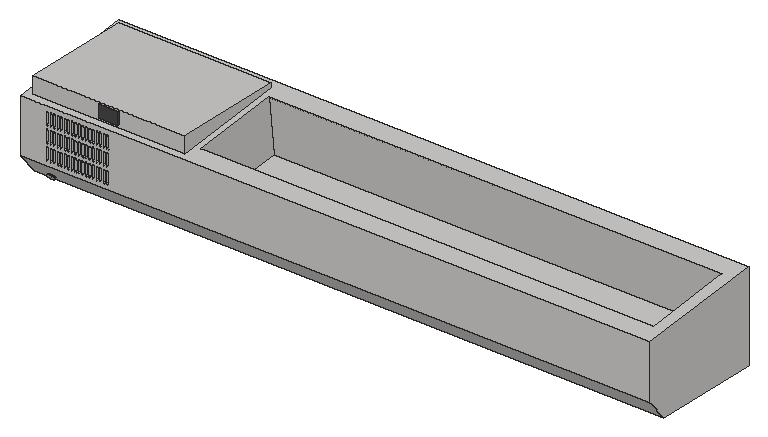
Revit family "QF_ELECTROLUXPROFESSIONAL_291214_ZVR1780H", category Specialty Equipment, Revit 2018
Family settings
  Round Connector Dimension = Use Diameter
  Part Type = Normal
  Work Plane-Based = No
  Always vertical = Yes
  Cut with Voids When Loaded = No
  Shared = No
  Room Calculation Point = No
Parameters (values of type "Standard")
  Weight = 42.00 kg
  Watts = 0 W
  Volts = 220 V
  URL Manufacturer = "http://professional.electrolux.com"
  URL = "http://professional.electrolux.com"
  Steam Supply Size = 0 mm
  Steam Supply Minimum Pressure = 0.0 Pa
  Steam Supply Maximum Pressure = 0.0 Pa
  Steam Pounds per Hour = 0
  Show Clearence [instance] = yes
  Refrigeration Suction Line Size = 0 mm
  Refrigeration Liquid Line Size = 0 mm
  Refrigerant Compressor Remote = yes
  Manufacturer = "Electrolux Professional"
  Phase = 1
  Model = "ZVR1780H"
  Length Actual = 1780 mm  # constant formula
  Item Number = "291214"
  Hot Water Size = 0 mm
  Height Actual = 250 mm  # constant formula
  HP = "0.3 HP"
  Gas Size = 0 mm
  Gas KW = 0
  Gas Input Pressure = 0 W
  Direct Waste Size = 0 mm
  Description = "BENCH TYPE REFRIGERATED SHOW CASE 1780MM R290"
  Depth Actual = 350 mm  # constant formula
  Cycle = 50 Hz
  Condensate Return Size = 0 mm
  Compressed Air Volume = 0.0 L/s
  Compressed Air Size = 0 mm
  Compressed Air Pressure = 0.0 Pa
  Cold Water Size = 0 mm
  Accessory = yes
Types (2, lengths in mm): name | URL | Manufacturer | Phase | Model | Description
  (no name) | 0 | 0 | 0 | 0 | 0
  Standard | "http://professional.electrolux.com" | "Electrolux Professional" | 1 | "ZVR1780H" | "BENCH TYPE REFRIGERATED SHOW CASE 1780MM R290"
Values of the unnamed type that differ from the named types
  Volts = 0 V
  URL Manufacturer = ""
  Item Number = ""
  Cycle = 0 Hz
Reference planes
  plane 1 "Front": y = 0
  plane 2: z = 0
  plane 3 "Centro (Sinistra/Destra)": x = 0
  plane 4 "LEFT": x = -870
  plane 5 "RIGHT": x = 870
  plane 6 "BACK": y = 350
  plane 7: z = 150
  plane 8: z = 800
  plane 9: z = 840
  plane 10: z = 1005
  plane 11 "Left": x = -890
  plane 12 "Right": x = 890
  plane 13: y = -1005
  plane 14: z = 1266
  plane 15: z = 1255
  plane 16: y = 50
  plane 17: z = 1218
  plane 18: y = 324
  plane 19: y = 20
  plane 20: x = -440
  plane 21: x = -422
  plane 22: x = 859
  plane 23: y = 314
  plane 24: x = -851
  plane 25: x = 851
Forms (mm)
  Extrusion 1, solid, material "QF_Finishes_Stainless Steel"
    sketch origin (0, 0, 0) x (0, 1, 0) y (0, 0, 1)
      loop
        line (350, 1005) -> (350, 1255) -> (0, 1218) -> (0, 1064.588) -> (50, 1005) -> (350, 1005)
    from -890 to 890
  Extrusion 2, void
    sketch origin (0, 349.805, 1254.979) x (0, 0.994459, 0.105128) y (1, 0, 0)
      loop
        line (-54.87, 859) -> (-298.31, 859) -> (-298.31, -422) -> (-54.87, -422) -> (-54.87, 859)
    from 0 to 154
  Extrusion 3, solid, material "QF_Finishes_Stainless Steel"
    sketch origin (0, 0, 0) x (0, 1, 0) y (0, 0, 1)
      loop
        line (20, 1220.114) -> (324, 1252.251) -> (324, 1266) -> (20, 1266) -> (20, 1220.114)
    from -870 to -440
  Extrusion 4, solid, material "QF_Finishes_Stainless Steel"
    sketch origin (-41.117, 58.099, 995.348) x (0, -0.642788, 0.766044) y (-1, 0, 0)
      loop
        circle (32.613, 788.883) r 10
    from 0 to 5
  Extrusion 5, solid, material "QF_Finishes_Black"
    sketch origin (0, 20, 1220.114) x (0, 0, 1) y (-1, 0, 0)
      loop
        line (40.886, 682.5) -> (5.979, 682.5) -> (5.979, 627.5) -> (40.886, 627.5) -> (40.886, 682.5)
    from 0 to 2
  Extrusion 6, void
    sketch origin (0, 0, 1234.854) x (0, 0, 1) y (1, 0, 0)
      loop
        arc (-32.985, -814.899) -> (-29.86, -811.774) -> (-32.985, -808.649) r 3.125
        line (-32.985, -808.649) -> (-62.985, -808.649)
        arc (-62.985, -808.649) -> (-66.11, -811.774) -> (-62.985, -814.899) r 3.125
        line (-62.985, -814.899) -> (-32.985, -814.899)
      loop
        arc (-77.985, -814.899) -> (-74.86, -811.774) -> (-77.985, -808.649) r 3.125
        line (-77.985, -808.649) -> (-107.985, -808.649)
        arc (-107.985, -808.649) -> (-111.11, -811.774) -> (-107.985, -814.899) r 3.125
        line (-107.985, -814.899) -> (-77.985, -814.899)
      loop
        arc (-122.985, -814.899) -> (-119.86, -811.774) -> (-122.985, -808.649) r 3.125
        line (-122.985, -808.649) -> (-152.985, -808.649)
        arc (-152.985, -808.649) -> (-156.11, -811.774) -> (-152.985, -814.899) r 3.125
        line (-152.985, -814.899) -> (-122.985, -814.899)
      loop
        arc (-32.985, -804.899) -> (-29.86, -801.774) -> (-32.985, -798.649) r 3.125
        line (-32.985, -798.649) -> (-62.985, -798.649)
        arc (-62.985, -798.649) -> (-66.11, -801.774) -> (-62.985, -804.899) r 3.125
        line (-62.985, -804.899) -> (-32.985, -804.899)
      loop
        arc (-77.985, -804.899) -> (-74.86, -801.774) -> (-77.985, -798.649) r 3.125
        line (-77.985, -798.649) -> (-107.985, -798.649)
        arc (-107.985, -798.649) -> (-111.11, -801.774) -> (-107.985, -804.899) r 3.125
        line (-107.985, -804.899) -> (-77.985, -804.899)
      loop
        arc (-122.985, -804.899) -> (-119.86, -801.774) -> (-122.985, -798.649) r 3.125
        line (-122.985, -798.649) -> (-152.985, -798.649)
        arc (-152.985, -798.649) -> (-156.11, -801.774) -> (-152.985, -804.899) r 3.125
        line (-152.985, -804.899) -> (-122.985, -804.899)
      loop
        arc (-32.985, -794.899) -> (-29.86, -791.774) -> (-32.985, -788.649) r 3.125
        line (-32.985, -788.649) -> (-62.985, -788.649)
        arc (-62.985, -788.649) -> (-66.11, -791.774) -> (-62.985, -794.899) r 3.125
        line (-62.985, -794.899) -> (-32.985, -794.899)
      loop
        arc (-77.985, -794.899) -> (-74.86, -791.774) -> (-77.985, -788.649) r 3.125
        line (-77.985, -788.649) -> (-107.985, -788.649)
        arc (-107.985, -788.649) -> (-111.11, -791.774) -> (-107.985, -794.899) r 3.125
        line (-107.985, -794.899) -> (-77.985, -794.899)
      loop
        arc (-122.985, -794.899) -> (-119.86, -791.774) -> (-122.985, -788.649) r 3.125
        line (-122.985, -788.649) -> (-152.985, -788.649)
        arc (-152.985, -788.649) -> (-156.11, -791.774) -> (-152.985, -794.899) r 3.125
        line (-152.985, -794.899) -> (-122.985, -794.899)
      loop
        arc (-32.985, -784.899) -> (-29.86, -781.774) -> (-32.985, -778.649) r 3.125
        line (-32.985, -778.649) -> (-62.985, -778.649)
        arc (-62.985, -778.649) -> (-66.11, -781.774) -> (-62.985, -784.899) r 3.125
        line (-62.985, -784.899) -> (-32.985, -784.899)
      loop
        arc (-77.985, -784.899) -> (-74.86, -781.774) -> (-77.985, -778.649) r 3.125
        line (-77.985, -778.649) -> (-107.985, -778.649)
        arc (-107.985, -778.649) -> (-111.11, -781.774) -> (-107.985, -784.899) r 3.125
        line (-107.985, -784.899) -> (-77.985, -784.899)
      loop
        arc (-122.985, -784.899) -> (-119.86, -781.774) -> (-122.985, -778.649) r 3.125
        line (-122.985, -778.649) -> (-152.985, -778.649)
        arc (-152.985, -778.649) -> (-156.11, -781.774) -> (-152.985, -784.899) r 3.125
        line (-152.985, -784.899) -> (-122.985, -784.899)
      loop
        arc (-32.985, -774.899) -> (-29.86, -771.774) -> (-32.985, -768.649) r 3.125
        line (-32.985, -768.649) -> (-62.985, -768.649)
        arc (-62.985, -768.649) -> (-66.11, -771.774) -> (-62.985, -774.899) r 3.125
        line (-62.985, -774.899) -> (-32.985, -774.899)
      loop
        arc (-77.985, -774.899) -> (-74.86, -771.774) -> (-77.985, -768.649) r 3.125
        line (-77.985, -768.649) -> (-107.985, -768.649)
        arc (-107.985, -768.649) -> (-111.11, -771.774) -> (-107.985, -774.899) r 3.125
        line (-107.985, -774.899) -> (-77.985, -774.899)
      loop
        arc (-122.985, -774.899) -> (-119.86, -771.774) -> (-122.985, -768.649) r 3.125
        line (-122.985, -768.649) -> (-152.985, -768.649)
        arc (-152.985, -768.649) -> (-156.11, -771.774) -> (-152.985, -774.899) r 3.125
        line (-152.985, -774.899) -> (-122.985, -774.899)
      loop
        arc (-32.985, -764.899) -> (-29.86, -761.774) -> (-32.985, -758.649) r 3.125
        line (-32.985, -758.649) -> (-62.985, -758.649)
        arc (-62.985, -758.649) -> (-66.11, -761.774) -> (-62.985, -764.899) r 3.125
        line (-62.985, -764.899) -> (-32.985, -764.899)
      loop
        arc (-77.985, -764.899) -> (-74.86, -761.774) -> (-77.985, -758.649) r 3.125
        line (-77.985, -758.649) -> (-107.985, -758.649)
        arc (-107.985, -758.649) -> (-111.11, -761.774) -> (-107.985, -764.899) r 3.125
        line (-107.985, -764.899) -> (-77.985, -764.899)
      loop
        arc (-122.985, -764.899) -> (-119.86, -761.774) -> (-122.985, -758.649) r 3.125
        line (-122.985, -758.649) -> (-152.985, -758.649)
        arc (-152.985, -758.649) -> (-156.11, -761.774) -> (-152.985, -764.899) r 3.125
        line (-152.985, -764.899) -> (-122.985, -764.899)
      loop
        arc (-32.985, -754.899) -> (-29.86, -751.774) -> (-32.985, -748.649) r 3.125
        line (-32.985, -748.649) -> (-62.985, -748.649)
        arc (-62.985, -748.649) -> (-66.11, -751.774) -> (-62.985, -754.899) r 3.125
        line (-62.985, -754.899) -> (-32.985, -754.899)
      loop
        arc (-77.985, -754.899) -> (-74.86, -751.774) -> (-77.985, -748.649) r 3.125
        line (-77.985, -748.649) -> (-107.985, -748.649)
        arc (-107.985, -748.649) -> (-111.11, -751.774) -> (-107.985, -754.899) r 3.125
        line (-107.985, -754.899) -> (-77.985, -754.899)
      loop
        arc (-122.985, -754.899) -> (-119.86, -751.774) -> (-122.985, -748.649) r 3.125
        line (-122.985, -748.649) -> (-152.985, -748.649)
        arc (-152.985, -748.649) -> (-156.11, -751.774) -> (-152.985, -754.899) r 3.125
        line (-152.985, -754.899) -> (-122.985, -754.899)
      loop
        arc (-32.985, -744.899) -> (-29.86, -741.774) -> (-32.985, -738.649) r 3.125
        line (-32.985, -738.649) -> (-62.985, -738.649)
        arc (-62.985, -738.649) -> (-66.11, -741.774) -> (-62.985, -744.899) r 3.125
        line (-62.985, -744.899) -> (-32.985, -744.899)
      loop
        arc (-77.985, -744.899) -> (-74.86, -741.774) -> (-77.985, -738.649) r 3.125
        line (-77.985, -738.649) -> (-107.985, -738.649)
        arc (-107.985, -738.649) -> (-111.11, -741.774) -> (-107.985, -744.899) r 3.125
        line (-107.985, -744.899) -> (-77.985, -744.899)
      loop
        arc (-122.985, -744.899) -> (-119.86, -741.774) -> (-122.985, -738.649) r 3.125
        line (-122.985, -738.649) -> (-152.985, -738.649)
        arc (-152.985, -738.649) -> (-156.11, -741.774) -> (-152.985, -744.899) r 3.125
        line (-152.985, -744.899) -> (-122.985, -744.899)
      loop
        arc (-32.985, -734.899) -> (-29.86, -731.774) -> (-32.985, -728.649) r 3.125
        line (-32.985, -728.649) -> (-62.985, -728.649)
        arc (-62.985, -728.649) -> (-66.11, -731.774) -> (-62.985, -734.899) r 3.125
        line (-62.985, -734.899) -> (-32.985, -734.899)
      loop
        arc (-77.985, -734.899) -> (-74.86, -731.774) -> (-77.985, -728.649) r 3.125
        line (-77.985, -728.649) -> (-107.985, -728.649)
        arc (-107.985, -728.649) -> (-111.11, -731.774) -> (-107.985, -734.899) r 3.125
        line (-107.985, -734.899) -> (-77.985, -734.899)
      loop
        arc (-122.985, -734.899) -> (-119.86, -731.774) -> (-122.985, -728.649) r 3.125
        line (-122.985, -728.649) -> (-152.985, -728.649)
        arc (-152.985, -728.649) -> (-156.11, -731.774) -> (-152.985, -734.899) r 3.125
        line (-152.985, -734.899) -> (-122.985, -734.899)
      loop
        arc (-32.985, -724.899) -> (-29.86, -721.774) -> (-32.985, -718.649) r 3.125
        line (-32.985, -718.649) -> (-62.985, -718.649)
        arc (-62.985, -718.649) -> (-66.11, -721.774) -> (-62.985, -724.899) r 3.125
        line (-62.985, -724.899) -> (-32.985, -724.899)
      loop
        arc (-77.985, -724.899) -> (-74.86, -721.774) -> (-77.985, -718.649) r 3.125
        line (-77.985, -718.649) -> (-107.985, -718.649)
        arc (-107.985, -718.649) -> (-111.11, -721.774) -> (-107.985, -724.899) r 3.125
        line (-107.985, -724.899) -> (-77.985, -724.899)
      loop
        arc (-122.985, -724.899) -> (-119.86, -721.774) -> (-122.985, -718.649) r 3.125
        line (-122.985, -718.649) -> (-152.985, -718.649)
        arc (-152.985, -718.649) -> (-156.11, -721.774) -> (-152.985, -724.899) r 3.125
        line (-152.985, -724.899) -> (-122.985, -724.899)
      loop
        arc (-32.985, -714.899) -> (-29.86, -711.774) -> (-32.985, -708.649) r 3.125
        line (-32.985, -708.649) -> (-62.985, -708.649)
        arc (-62.985, -708.649) -> (-66.11, -711.774) -> (-62.985, -714.899) r 3.125
        line (-62.985, -714.899) -> (-32.985, -714.899)
      loop
        arc (-77.985, -714.899) -> (-74.86, -711.774) -> (-77.985, -708.649) r 3.125
        line (-77.985, -708.649) -> (-107.985, -708.649)
        arc (-107.985, -708.649) -> (-111.11, -711.774) -> (-107.985, -714.899) r 3.125
        line (-107.985, -714.899) -> (-77.985, -714.899)
      loop
        arc (-122.985, -714.899) -> (-119.86, -711.774) -> (-122.985, -708.649) r 3.125
        line (-122.985, -708.649) -> (-152.985, -708.649)
        arc (-152.985, -708.649) -> (-156.11, -711.774) -> (-152.985, -714.899) r 3.125
        line (-152.985, -714.899) -> (-122.985, -714.899)
      loop
        arc (-32.985, -704.899) -> (-29.86, -701.774) -> (-32.985, -698.649) r 3.125
        line (-32.985, -698.649) -> (-62.985, -698.649)
        arc (-62.985, -698.649) -> (-66.11, -701.774) -> (-62.985, -704.899) r 3.125
        line (-62.985, -704.899) -> (-32.985, -704.899)
      loop
        arc (-77.985, -704.899) -> (-74.86, -701.774) -> (-77.985, -698.649) r 3.125
        line (-77.985, -698.649) -> (-107.985, -698.649)
        arc (-107.985, -698.649) -> (-111.11, -701.774) -> (-107.985, -704.899) r 3.125
        line (-107.985, -704.899) -> (-77.985, -704.899)
      loop
        arc (-122.985, -704.899) -> (-119.86, -701.774) -> (-122.985, -698.649) r 3.125
        line (-122.985, -698.649) -> (-152.985, -698.649)
        arc (-152.985, -698.649) -> (-156.11, -701.774) -> (-152.985, -704.899) r 3.125
        line (-152.985, -704.899) -> (-122.985, -704.899)
      loop
        arc (-32.985, -694.899) -> (-29.86, -691.774) -> (-32.985, -688.649) r 3.125
        line (-32.985, -688.649) -> (-62.985, -688.649)
        arc (-62.985, -688.649) -> (-66.11, -691.774) -> (-62.985, -694.899) r 3.125
        line (-62.985, -694.899) -> (-32.985, -694.899)
      loop
        arc (-77.985, -694.899) -> (-74.86, -691.774) -> (-77.985, -688.649) r 3.125
        line (-77.985, -688.649) -> (-107.985, -688.649)
        arc (-107.985, -688.649) -> (-111.11, -691.774) -> (-107.985, -694.899) r 3.125
        line (-107.985, -694.899) -> (-77.985, -694.899)
      loop
        arc (-122.985, -694.899) -> (-119.86, -691.774) -> (-122.985, -688.649) r 3.125
        line (-122.985, -688.649) -> (-152.985, -688.649)
        arc (-152.985, -688.649) -> (-156.11, -691.774) -> (-152.985, -694.899) r 3.125
        line (-152.985, -694.899) -> (-122.985, -694.899)
      loop
        arc (-32.985, -684.899) -> (-29.86, -681.774) -> (-32.985, -678.649) r 3.125
        line (-32.985, -678.649) -> (-62.985, -678.649)
        arc (-62.985, -678.649) -> (-66.11, -681.774) -> (-62.985, -684.899) r 3.125
        line (-62.985, -684.899) -> (-32.985, -684.899)
      loop
        arc (-77.985, -684.899) -> (-74.86, -681.774) -> (-77.985, -678.649) r 3.125
        line (-77.985, -678.649) -> (-107.985, -678.649)
        arc (-107.985, -678.649) -> (-111.11, -681.774) -> (-107.985, -684.899) r 3.125
        line (-107.985, -684.899) -> (-77.985, -684.899)
      loop
        arc (-122.985, -684.899) -> (-119.86, -681.774) -> (-122.985, -678.649) r 3.125
        line (-122.985, -678.649) -> (-152.985, -678.649)
        arc (-152.985, -678.649) -> (-156.11, -681.774) -> (-152.985, -684.899) r 3.125
        line (-152.985, -684.899) -> (-122.985, -684.899)
      loop
        arc (-32.985, -674.899) -> (-29.86, -671.774) -> (-32.985, -668.649) r 3.125
        line (-32.985, -668.649) -> (-62.985, -668.649)
        arc (-62.985, -668.649) -> (-66.11, -671.774) -> (-62.985, -674.899) r 3.125
        line (-62.985, -674.899) -> (-32.985, -674.899)
      loop
        arc (-77.985, -674.899) -> (-74.86, -671.774) -> (-77.985, -668.649) r 3.125
        line (-77.985, -668.649) -> (-107.985, -668.649)
        arc (-107.985, -668.649) -> (-111.11, -671.774) -> (-107.985, -674.899) r 3.125
        line (-107.985, -674.899) -> (-77.985, -674.899)
      loop
        arc (-122.985, -674.899) -> (-119.86, -671.774) -> (-122.985, -668.649) r 3.125
        line (-122.985, -668.649) -> (-152.985, -668.649)
        arc (-152.985, -668.649) -> (-156.11, -671.774) -> (-152.985, -674.899) r 3.125
        line (-152.985, -674.899) -> (-122.985, -674.899)
      loop
        arc (-32.985, -664.899) -> (-29.86, -661.774) -> (-32.985, -658.649) r 3.125
        line (-32.985, -658.649) -> (-62.985, -658.649)
        arc (-62.985, -658.649) -> (-66.11, -661.774) -> (-62.985, -664.899) r 3.125
        line (-62.985, -664.899) -> (-32.985, -664.899)
      loop
        arc (-77.985, -664.899) -> (-74.86, -661.774) -> (-77.985, -658.649) r 3.125
        line (-77.985, -658.649) -> (-107.985, -658.649)
        arc (-107.985, -658.649) -> (-111.11, -661.774) -> (-107.985, -664.899) r 3.125
        line (-107.985, -664.899) -> (-77.985, -664.899)
      loop
        arc (-122.985, -664.899) -> (-119.86, -661.774) -> (-122.985, -658.649) r 3.125
        line (-122.985, -658.649) -> (-152.985, -658.649)
        arc (-152.985, -658.649) -> (-156.11, -661.774) -> (-152.985, -664.899) r 3.125
        line (-152.985, -664.899) -> (-122.985, -664.899)
      loop
        arc (-32.985, -654.899) -> (-29.86, -651.774) -> (-32.985, -648.649) r 3.125
        line (-32.985, -648.649) -> (-62.985, -648.649)
        arc (-62.985, -648.649) -> (-66.11, -651.774) -> (-62.985, -654.899) r 3.125
        line (-62.985, -654.899) -> (-32.985, -654.899)
      loop
        arc (-77.985, -654.899) -> (-74.86, -651.774) -> (-77.985, -648.649) r 3.125
        line (-77.985, -648.649) -> (-107.985, -648.649)
        arc (-107.985, -648.649) -> (-111.11, -651.774) -> (-107.985, -654.899) r 3.125
        line (-107.985, -654.899) -> (-77.985, -654.899)
      loop
        arc (-122.985, -654.899) -> (-119.86, -651.774) -> (-122.985, -648.649) r 3.125
        line (-122.985, -648.649) -> (-152.985, -648.649)
        arc (-152.985, -648.649) -> (-156.11, -651.774) -> (-152.985, -654.899) r 3.125
        line (-152.985, -654.899) -> (-122.985, -654.899)
      loop
        arc (-32.985, -644.899) -> (-29.86, -641.774) -> (-32.985, -638.649) r 3.125
        line (-32.985, -638.649) -> (-62.985, -638.649)
        arc (-62.985, -638.649) -> (-66.11, -641.774) -> (-62.985, -644.899) r 3.125
        line (-62.985, -644.899) -> (-32.985, -644.899)
      loop
        arc (-77.985, -644.899) -> (-74.86, -641.774) -> (-77.985, -638.649) r 3.125
        line (-77.985, -638.649) -> (-107.985, -638.649)
        arc (-107.985, -638.649) -> (-111.11, -641.774) -> (-107.985, -644.899) r 3.125
        line (-107.985, -644.899) -> (-77.985, -644.899)
      loop
        arc (-122.985, -644.899) -> (-119.86, -641.774) -> (-122.985, -638.649) r 3.125
        line (-122.985, -638.649) -> (-152.985, -638.649)
        arc (-152.985, -638.649) -> (-156.11, -641.774) -> (-152.985, -644.899) r 3.125
        line (-152.985, -644.899) -> (-122.985, -644.899)
    from 0 to 5
  Extrusion 7, void
    sketch origin (-890, -490.899, 1244.854) x (0, 0, 1) y (0, -1, 0)
      loop
        arc (-22.985, -814.899) -> (-19.86, -811.774) -> (-22.985, -808.649) r 3.125
        line (-22.985, -808.649) -> (-52.985, -808.649)
        arc (-52.985, -808.649) -> (-56.11, -811.774) -> (-52.985, -814.899) r 3.125
        line (-52.985, -814.899) -> (-22.985, -814.899)
      loop
        arc (-67.985, -814.899) -> (-64.86, -811.774) -> (-67.985, -808.649) r 3.125
        line (-67.985, -808.649) -> (-97.985, -808.649)
        arc (-97.985, -808.649) -> (-101.11, -811.774) -> (-97.985, -814.899) r 3.125
        line (-97.985, -814.899) -> (-67.985, -814.899)
      loop
        arc (-112.985, -814.899) -> (-109.86, -811.774) -> (-112.985, -808.649) r 3.125
        line (-112.985, -808.649) -> (-142.985, -808.649)
        arc (-142.985, -808.649) -> (-146.11, -811.774) -> (-142.985, -814.899) r 3.125
        line (-142.985, -814.899) -> (-112.985, -814.899)
      loop
        arc (-22.985, -804.899) -> (-19.86, -801.774) -> (-22.985, -798.649) r 3.125
        line (-22.985, -798.649) -> (-52.985, -798.649)
        arc (-52.985, -798.649) -> (-56.11, -801.774) -> (-52.985, -804.899) r 3.125
        line (-52.985, -804.899) -> (-22.985, -804.899)
      loop
        arc (-67.985, -804.899) -> (-64.86, -801.774) -> (-67.985, -798.649) r 3.125
        line (-67.985, -798.649) -> (-97.985, -798.649)
        arc (-97.985, -798.649) -> (-101.11, -801.774) -> (-97.985, -804.899) r 3.125
        line (-97.985, -804.899) -> (-67.985, -804.899)
      loop
        arc (-112.985, -804.899) -> (-109.86, -801.774) -> (-112.985, -798.649) r 3.125
        line (-112.985, -798.649) -> (-142.985, -798.649)
        arc (-142.985, -798.649) -> (-146.11, -801.774) -> (-142.985, -804.899) r 3.125
        line (-142.985, -804.899) -> (-112.985, -804.899)
      loop
        arc (-22.985, -794.899) -> (-19.86, -791.774) -> (-22.985, -788.649) r 3.125
        line (-22.985, -788.649) -> (-52.985, -788.649)
        arc (-52.985, -788.649) -> (-56.11, -791.774) -> (-52.985, -794.899) r 3.125
        line (-52.985, -794.899) -> (-22.985, -794.899)
      loop
        arc (-67.985, -794.899) -> (-64.86, -791.774) -> (-67.985, -788.649) r 3.125
        line (-67.985, -788.649) -> (-97.985, -788.649)
        arc (-97.985, -788.649) -> (-101.11, -791.774) -> (-97.985, -794.899) r 3.125
        line (-97.985, -794.899) -> (-67.985, -794.899)
      loop
        arc (-112.985, -794.899) -> (-109.86, -791.774) -> (-112.985, -788.649) r 3.125
        line (-112.985, -788.649) -> (-142.985, -788.649)
        arc (-142.985, -788.649) -> (-146.11, -791.774) -> (-142.985, -794.899) r 3.125
        line (-142.985, -794.899) -> (-112.985, -794.899)
      loop
        arc (-22.985, -784.899) -> (-19.86, -781.774) -> (-22.985, -778.649) r 3.125
        line (-22.985, -778.649) -> (-52.985, -778.649)
        arc (-52.985, -778.649) -> (-56.11, -781.774) -> (-52.985, -784.899) r 3.125
        line (-52.985, -784.899) -> (-22.985, -784.899)
      loop
        arc (-67.985, -784.899) -> (-64.86, -781.774) -> (-67.985, -778.649) r 3.125
        line (-67.985, -778.649) -> (-97.985, -778.649)
        arc (-97.985, -778.649) -> (-101.11, -781.774) -> (-97.985, -784.899) r 3.125
        line (-97.985, -784.899) -> (-67.985, -784.899)
      loop
        arc (-112.985, -784.899) -> (-109.86, -781.774) -> (-112.985, -778.649) r 3.125
        line (-112.985, -778.649) -> (-142.985, -778.649)
        arc (-142.985, -778.649) -> (-146.11, -781.774) -> (-142.985, -784.899) r 3.125
        line (-142.985, -784.899) -> (-112.985, -784.899)
      loop
        arc (-22.985, -774.899) -> (-19.86, -771.774) -> (-22.985, -768.649) r 3.125
        line (-22.985, -768.649) -> (-52.985, -768.649)
        arc (-52.985, -768.649) -> (-56.11, -771.774) -> (-52.985, -774.899) r 3.125
        line (-52.985, -774.899) -> (-22.985, -774.899)
      loop
        arc (-67.985, -774.899) -> (-64.86, -771.774) -> (-67.985, -768.649) r 3.125
        line (-67.985, -768.649) -> (-97.985, -768.649)
        arc (-97.985, -768.649) -> (-101.11, -771.774) -> (-97.985, -774.899) r 3.125
        line (-97.985, -774.899) -> (-67.985, -774.899)
      loop
        arc (-112.985, -774.899) -> (-109.86, -771.774) -> (-112.985, -768.649) r 3.125
        line (-112.985, -768.649) -> (-142.985, -768.649)
        arc (-142.985, -768.649) -> (-146.11, -771.774) -> (-142.985, -774.899) r 3.125
        line (-142.985, -774.899) -> (-112.985, -774.899)
      loop
        arc (-67.985, -764.899) -> (-64.86, -761.774) -> (-67.985, -758.649) r 3.125
        line (-67.985, -758.649) -> (-97.985, -758.649)
        arc (-97.985, -758.649) -> (-101.11, -761.774) -> (-97.985, -764.899) r 3.125
        line (-97.985, -764.899) -> (-67.985, -764.899)
      loop
        arc (-112.985, -764.899) -> (-109.86, -761.774) -> (-112.985, -758.649) r 3.125
        line (-112.985, -758.649) -> (-142.985, -758.649)
        arc (-142.985, -758.649) -> (-146.11, -761.774) -> (-142.985, -764.899) r 3.125
        line (-142.985, -764.899) -> (-112.985, -764.899)
      loop
        arc (-22.985, -754.899) -> (-19.86, -751.774) -> (-22.985, -748.649) r 3.125
        line (-22.985, -748.649) -> (-52.985, -748.649)
        arc (-52.985, -748.649) -> (-56.11, -751.774) -> (-52.985, -754.899) r 3.125
        line (-52.985, -754.899) -> (-22.985, -754.899)
      loop
        arc (-67.985, -754.899) -> (-64.86, -751.774) -> (-67.985, -748.649) r 3.125
        line (-67.985, -748.649) -> (-97.985, -748.649)
        arc (-97.985, -748.649) -> (-101.11, -751.774) -> (-97.985, -754.899) r 3.125
        line (-97.985, -754.899) -> (-67.985, -754.899)
      loop
        arc (-112.985, -754.899) -> (-109.86, -751.774) -> (-112.985, -748.649) r 3.125
        line (-112.985, -748.649) -> (-142.985, -748.649)
        arc (-142.985, -748.649) -> (-146.11, -751.774) -> (-142.985, -754.899) r 3.125
        line (-142.985, -754.899) -> (-112.985, -754.899)
      loop
        arc (-22.985, -744.899) -> (-19.86, -741.774) -> (-22.985, -738.649) r 3.125
        line (-22.985, -738.649) -> (-52.985, -738.649)
        arc (-52.985, -738.649) -> (-56.11, -741.774) -> (-52.985, -744.899) r 3.125
        line (-52.985, -744.899) -> (-22.985, -744.899)
      loop
        arc (-67.985, -744.899) -> (-64.86, -741.774) -> (-67.985, -738.649) r 3.125
        line (-67.985, -738.649) -> (-97.985, -738.649)
        arc (-97.985, -738.649) -> (-101.11, -741.774) -> (-97.985, -744.899) r 3.125
        line (-97.985, -744.899) -> (-67.985, -744.899)
      loop
        arc (-112.985, -744.899) -> (-109.86, -741.774) -> (-112.985, -738.649) r 3.125
        line (-112.985, -738.649) -> (-142.985, -738.649)
        arc (-142.985, -738.649) -> (-146.11, -741.774) -> (-142.985, -744.899) r 3.125
        line (-142.985, -744.899) -> (-112.985, -744.899)
      loop
        arc (-22.985, -734.899) -> (-19.86, -731.774) -> (-22.985, -728.649) r 3.125
        line (-22.985, -728.649) -> (-52.985, -728.649)
        arc (-52.985, -728.649) -> (-56.11, -731.774) -> (-52.985, -734.899) r 3.125
        line (-52.985, -734.899) -> (-22.985, -734.899)
      loop
        arc (-67.985, -734.899) -> (-64.86, -731.774) -> (-67.985, -728.649) r 3.125
        line (-67.985, -728.649) -> (-97.985, -728.649)
        arc (-97.985, -728.649) -> (-101.11, -731.774) -> (-97.985, -734.899) r 3.125
        line (-97.985, -734.899) -> (-67.985, -734.899)
      loop
        arc (-112.985, -734.899) -> (-109.86, -731.774) -> (-112.985, -728.649) r 3.125
        line (-112.985, -728.649) -> (-142.985, -728.649)
        arc (-142.985, -728.649) -> (-146.11, -731.774) -> (-142.985, -734.899) r 3.125
        line (-142.985, -734.899) -> (-112.985, -734.899)
      loop
        arc (-22.985, -724.899) -> (-19.86, -721.774) -> (-22.985, -718.649) r 3.125
        line (-22.985, -718.649) -> (-52.985, -718.649)
        arc (-52.985, -718.649) -> (-56.11, -721.774) -> (-52.985, -724.899) r 3.125
        line (-52.985, -724.899) -> (-22.985, -724.899)
      loop
        arc (-67.985, -724.899) -> (-64.86, -721.774) -> (-67.985, -718.649) r 3.125
        line (-67.985, -718.649) -> (-97.985, -718.649)
        arc (-97.985, -718.649) -> (-101.11, -721.774) -> (-97.985, -724.899) r 3.125
        line (-97.985, -724.899) -> (-67.985, -724.899)
      loop
        arc (-112.985, -724.899) -> (-109.86, -721.774) -> (-112.985, -718.649) r 3.125
        line (-112.985, -718.649) -> (-142.985, -718.649)
        arc (-142.985, -718.649) -> (-146.11, -721.774) -> (-142.985, -724.899) r 3.125
        line (-142.985, -724.899) -> (-112.985, -724.899)
      loop
        arc (-22.985, -714.899) -> (-19.86, -711.774) -> (-22.985, -708.649) r 3.125
        line (-22.985, -708.649) -> (-52.985, -708.649)
        arc (-52.985, -708.649) -> (-56.11, -711.774) -> (-52.985, -714.899) r 3.125
        line (-52.985, -714.899) -> (-22.985, -714.899)
      loop
        arc (-67.985, -714.899) -> (-64.86, -711.774) -> (-67.985, -708.649) r 3.125
        line (-67.985, -708.649) -> (-97.985, -708.649)
        arc (-97.985, -708.649) -> (-101.11, -711.774) -> (-97.985, -714.899) r 3.125
        line (-97.985, -714.899) -> (-67.985, -714.899)
      loop
        arc (-112.985, -714.899) -> (-109.86, -711.774) -> (-112.985, -708.649) r 3.125
        line (-112.985, -708.649) -> (-142.985, -708.649)
        arc (-142.985, -708.649) -> (-146.11, -711.774) -> (-142.985, -714.899) r 3.125
        line (-142.985, -714.899) -> (-112.985, -714.899)
      loop
        arc (-22.985, -704.899) -> (-19.86, -701.774) -> (-22.985, -698.649) r 3.125
        line (-22.985, -698.649) -> (-52.985, -698.649)
        arc (-52.985, -698.649) -> (-56.11, -701.774) -> (-52.985, -704.899) r 3.125
        line (-52.985, -704.899) -> (-22.985, -704.899)
      loop
        arc (-67.985, -704.899) -> (-64.86, -701.774) -> (-67.985, -698.649) r 3.125
        line (-67.985, -698.649) -> (-97.985, -698.649)
        arc (-97.985, -698.649) -> (-101.11, -701.774) -> (-97.985, -704.899) r 3.125
        line (-97.985, -704.899) -> (-67.985, -704.899)
      loop
        arc (-112.985, -704.899) -> (-109.86, -701.774) -> (-112.985, -698.649) r 3.125
        line (-112.985, -698.649) -> (-142.985, -698.649)
        arc (-142.985, -698.649) -> (-146.11, -701.774) -> (-142.985, -704.899) r 3.125
        line (-142.985, -704.899) -> (-112.985, -704.899)
      loop
        arc (-22.985, -694.899) -> (-19.86, -691.774) -> (-22.985, -688.649) r 3.125
        line (-22.985, -688.649) -> (-52.985, -688.649)
        arc (-52.985, -688.649) -> (-56.11, -691.774) -> (-52.985, -694.899) r 3.125
        line (-52.985, -694.899) -> (-22.985, -694.899)
      loop
        arc (-67.985, -694.899) -> (-64.86, -691.774) -> (-67.985, -688.649) r 3.125
        line (-67.985, -688.649) -> (-97.985, -688.649)
        arc (-97.985, -688.649) -> (-101.11, -691.774) -> (-97.985, -694.899) r 3.125
        line (-97.985, -694.899) -> (-67.985, -694.899)
      loop
        arc (-112.985, -694.899) -> (-109.86, -691.774) -> (-112.985, -688.649) r 3.125
        line (-112.985, -688.649) -> (-142.985, -688.649)
        arc (-142.985, -688.649) -> (-146.11, -691.774) -> (-142.985, -694.899) r 3.125
        line (-142.985, -694.899) -> (-112.985, -694.899)
      loop
        arc (-22.985, -684.899) -> (-19.86, -681.774) -> (-22.985, -678.649) r 3.125
        line (-22.985, -678.649) -> (-52.985, -678.649)
        arc (-52.985, -678.649) -> (-56.11, -681.774) -> (-52.985, -684.899) r 3.125
        line (-52.985, -684.899) -> (-22.985, -684.899)
      loop
        arc (-67.985, -684.899) -> (-64.86, -681.774) -> (-67.985, -678.649) r 3.125
        line (-67.985, -678.649) -> (-97.985, -678.649)
        arc (-97.985, -678.649) -> (-101.11, -681.774) -> (-97.985, -684.899) r 3.125
        line (-97.985, -684.899) -> (-67.985, -684.899)
      loop
        arc (-112.985, -684.899) -> (-109.86, -681.774) -> (-112.985, -678.649) r 3.125
        line (-112.985, -678.649) -> (-142.985, -678.649)
        arc (-142.985, -678.649) -> (-146.11, -681.774) -> (-142.985, -684.899) r 3.125
        line (-142.985, -684.899) -> (-112.985, -684.899)
      loop
        arc (-22.985, -674.899) -> (-19.86, -671.774) -> (-22.985, -668.649) r 3.125
        line (-22.985, -668.649) -> (-52.985, -668.649)
        arc (-52.985, -668.649) -> (-56.11, -671.774) -> (-52.985, -674.899) r 3.125
        line (-52.985, -674.899) -> (-22.985, -674.899)
      loop
        arc (-67.985, -674.899) -> (-64.86, -671.774) -> (-67.985, -668.649) r 3.125
        line (-67.985, -668.649) -> (-97.985, -668.649)
        arc (-97.985, -668.649) -> (-101.11, -671.774) -> (-97.985, -674.899) r 3.125
        line (-97.985, -674.899) -> (-67.985, -674.899)
      loop
        arc (-112.985, -674.899) -> (-109.86, -671.774) -> (-112.985, -668.649) r 3.125
        line (-112.985, -668.649) -> (-142.985, -668.649)
        arc (-142.985, -668.649) -> (-146.11, -671.774) -> (-142.985, -674.899) r 3.125
        line (-142.985, -674.899) -> (-112.985, -674.899)
      loop
        arc (-22.985, -664.899) -> (-19.86, -661.774) -> (-22.985, -658.649) r 3.125
        line (-22.985, -658.649) -> (-52.985, -658.649)
        arc (-52.985, -658.649) -> (-56.11, -661.774) -> (-52.985, -664.899) r 3.125
        line (-52.985, -664.899) -> (-22.985, -664.899)
      loop
        arc (-67.985, -664.899) -> (-64.86, -661.774) -> (-67.985, -658.649) r 3.125
        line (-67.985, -658.649) -> (-97.985, -658.649)
        arc (-97.985, -658.649) -> (-101.11, -661.774) -> (-97.985, -664.899) r 3.125
        line (-97.985, -664.899) -> (-67.985, -664.899)
      loop
        arc (-112.985, -664.899) -> (-109.86, -661.774) -> (-112.985, -658.649) r 3.125
        line (-112.985, -658.649) -> (-142.985, -658.649)
        arc (-142.985, -658.649) -> (-146.11, -661.774) -> (-142.985, -664.899) r 3.125
        line (-142.985, -664.899) -> (-112.985, -664.899)
      loop
        arc (-22.985, -654.899) -> (-19.86, -651.774) -> (-22.985, -648.649) r 3.125
        line (-22.985, -648.649) -> (-52.985, -648.649)
        arc (-52.985, -648.649) -> (-56.11, -651.774) -> (-52.985, -654.899) r 3.125
        line (-52.985, -654.899) -> (-22.985, -654.899)
      loop
        arc (-67.985, -654.899) -> (-64.86, -651.774) -> (-67.985, -648.649) r 3.125
        line (-67.985, -648.649) -> (-97.985, -648.649)
        arc (-97.985, -648.649) -> (-101.11, -651.774) -> (-97.985, -654.899) r 3.125
        line (-97.985, -654.899) -> (-67.985, -654.899)
      loop
        arc (-112.985, -654.899) -> (-109.86, -651.774) -> (-112.985, -648.649) r 3.125
        line (-112.985, -648.649) -> (-142.985, -648.649)
        arc (-142.985, -648.649) -> (-146.11, -651.774) -> (-142.985, -654.899) r 3.125
        line (-142.985, -654.899) -> (-112.985, -654.899)
      loop
        arc (-22.985, -644.899) -> (-19.86, -641.774) -> (-22.985, -638.649) r 3.125
        line (-22.985, -638.649) -> (-52.985, -638.649)
        arc (-52.985, -638.649) -> (-56.11, -641.774) -> (-52.985, -644.899) r 3.125
        line (-52.985, -644.899) -> (-22.985, -644.899)
      loop
        arc (-67.985, -644.899) -> (-64.86, -641.774) -> (-67.985, -638.649) r 3.125
        line (-67.985, -638.649) -> (-97.985, -638.649)
        arc (-97.985, -638.649) -> (-101.11, -641.774) -> (-97.985, -644.899) r 3.125
        line (-97.985, -644.899) -> (-67.985, -644.899)
      loop
        arc (-112.985, -644.899) -> (-109.86, -641.774) -> (-112.985, -638.649) r 3.125
        line (-112.985, -638.649) -> (-142.985, -638.649)
        arc (-142.985, -638.649) -> (-146.11, -641.774) -> (-142.985, -644.899) r 3.125
        line (-142.985, -644.899) -> (-112.985, -644.899)
      loop
        arc (-22.985, -764.899) -> (-19.86, -761.774) -> (-22.985, -758.649) r 3.125
        line (-22.985, -758.649) -> (-52.985, -758.649)
        arc (-52.985, -758.649) -> (-56.11, -761.774) -> (-52.985, -764.899) r 3.125
        line (-52.985, -764.899) -> (-22.985, -764.899)
      loop
        arc (-157.985, -814.899) -> (-154.86, -811.774) -> (-157.985, -808.649) r 3.125
        line (-157.985, -808.649) -> (-187.985, -808.649)
        arc (-187.985, -808.649) -> (-191.11, -811.774) -> (-187.985, -814.899) r 3.125
        line (-187.985, -814.899) -> (-157.985, -814.899)
      loop
        arc (-202.985, -814.899) -> (-199.86, -811.774) -> (-202.985, -808.649) r 3.125
        line (-202.985, -808.649) -> (-232.985, -808.649)
        arc (-232.985, -808.649) -> (-236.11, -811.774) -> (-232.985, -814.899) r 3.125
        line (-232.985, -814.899) -> (-202.985, -814.899)
      loop
        arc (-157.985, -804.899) -> (-154.86, -801.774) -> (-157.985, -798.649) r 3.125
        line (-157.985, -798.649) -> (-187.985, -798.649)
        arc (-187.985, -798.649) -> (-191.11, -801.774) -> (-187.985, -804.899) r 3.125
        line (-187.985, -804.899) -> (-157.985, -804.899)
      loop
        arc (-202.985, -804.899) -> (-199.86, -801.774) -> (-202.985, -798.649) r 3.125
        line (-202.985, -798.649) -> (-232.985, -798.649)
        arc (-232.985, -798.649) -> (-236.11, -801.774) -> (-232.985, -804.899) r 3.125
        line (-232.985, -804.899) -> (-202.985, -804.899)
      loop
        arc (-157.985, -794.899) -> (-154.86, -791.774) -> (-157.985, -788.649) r 3.125
        line (-157.985, -788.649) -> (-187.985, -788.649)
        arc (-187.985, -788.649) -> (-191.11, -791.774) -> (-187.985, -794.899) r 3.125
        line (-187.985, -794.899) -> (-157.985, -794.899)
      loop
        arc (-202.985, -794.899) -> (-199.86, -791.774) -> (-202.985, -788.649) r 3.125
        line (-202.985, -788.649) -> (-232.985, -788.649)
        arc (-232.985, -788.649) -> (-236.11, -791.774) -> (-232.985, -794.899) r 3.125
        line (-232.985, -794.899) -> (-202.985, -794.899)
      loop
        arc (-157.985, -784.899) -> (-154.86, -781.774) -> (-157.985, -778.649) r 3.125
        line (-157.985, -778.649) -> (-187.985, -778.649)
        arc (-187.985, -778.649) -> (-191.11, -781.774) -> (-187.985, -784.899) r 3.125
        line (-187.985, -784.899) -> (-157.985, -784.899)
      loop
        arc (-202.985, -784.899) -> (-199.86, -781.774) -> (-202.985, -778.649) r 3.125
        line (-202.985, -778.649) -> (-232.985, -778.649)
        arc (-232.985, -778.649) -> (-236.11, -781.774) -> (-232.985, -784.899) r 3.125
        line (-232.985, -784.899) -> (-202.985, -784.899)
      loop
        arc (-157.985, -774.899) -> (-154.86, -771.774) -> (-157.985, -768.649) r 3.125
        line (-157.985, -768.649) -> (-187.985, -768.649)
        arc (-187.985, -768.649) -> (-191.11, -771.774) -> (-187.985, -774.899) r 3.125
        line (-187.985, -774.899) -> (-157.985, -774.899)
      loop
        arc (-202.985, -774.899) -> (-199.86, -771.774) -> (-202.985, -768.649) r 3.125
        line (-202.985, -768.649) -> (-232.985, -768.649)
        arc (-232.985, -768.649) -> (-236.11, -771.774) -> (-232.985, -774.899) r 3.125
        line (-232.985, -774.899) -> (-202.985, -774.899)
      loop
        arc (-157.985, -764.899) -> (-154.86, -761.774) -> (-157.985, -758.649) r 3.125
        line (-157.985, -758.649) -> (-187.985, -758.649)
        arc (-187.985, -758.649) -> (-191.11, -761.774) -> (-187.985, -764.899) r 3.125
        line (-187.985, -764.899) -> (-157.985, -764.899)
      loop
        arc (-202.985, -764.899) -> (-199.86, -761.774) -> (-202.985, -758.649) r 3.125
        line (-202.985, -758.649) -> (-232.985, -758.649)
        arc (-232.985, -758.649) -> (-236.11, -761.774) -> (-232.985, -764.899) r 3.125
        line (-232.985, -764.899) -> (-202.985, -764.899)
      loop
        arc (-157.985, -754.899) -> (-154.86, -751.774) -> (-157.985, -748.649) r 3.125
        line (-157.985, -748.649) -> (-187.985, -748.649)
        arc (-187.985, -748.649) -> (-191.11, -751.774) -> (-187.985, -754.899) r 3.125
        line (-187.985, -754.899) -> (-157.985, -754.899)
      loop
        arc (-202.985, -754.899) -> (-199.86, -751.774) -> (-202.985, -748.649) r 3.125
        line (-202.985, -748.649) -> (-232.985, -748.649)
        arc (-232.985, -748.649) -> (-236.11, -751.774) -> (-232.985, -754.899) r 3.125
        line (-232.985, -754.899) -> (-202.985, -754.899)
      loop
        arc (-157.985, -744.899) -> (-154.86, -741.774) -> (-157.985, -738.649) r 3.125
        line (-157.985, -738.649) -> (-187.985, -738.649)
        arc (-187.985, -738.649) -> (-191.11, -741.774) -> (-187.985, -744.899) r 3.125
        line (-187.985, -744.899) -> (-157.985, -744.899)
      loop
        arc (-202.985, -744.899) -> (-199.86, -741.774) -> (-202.985, -738.649) r 3.125
        line (-202.985, -738.649) -> (-232.985, -738.649)
        arc (-232.985, -738.649) -> (-236.11, -741.774) -> (-232.985, -744.899) r 3.125
        line (-232.985, -744.899) -> (-202.985, -744.899)
      loop
        arc (-157.985, -734.899) -> (-154.86, -731.774) -> (-157.985, -728.649) r 3.125
        line (-157.985, -728.649) -> (-187.985, -728.649)
        arc (-187.985, -728.649) -> (-191.11, -731.774) -> (-187.985, -734.899) r 3.125
        line (-187.985, -734.899) -> (-157.985, -734.899)
      loop
        arc (-202.985, -734.899) -> (-199.86, -731.774) -> (-202.985, -728.649) r 3.125
        line (-202.985, -728.649) -> (-232.985, -728.649)
        arc (-232.985, -728.649) -> (-236.11, -731.774) -> (-232.985, -734.899) r 3.125
        line (-232.985, -734.899) -> (-202.985, -734.899)
      loop
        arc (-157.985, -724.899) -> (-154.86, -721.774) -> (-157.985, -718.649) r 3.125
        line (-157.985, -718.649) -> (-187.985, -718.649)
        arc (-187.985, -718.649) -> (-191.11, -721.774) -> (-187.985, -724.899) r 3.125
        line (-187.985, -724.899) -> (-157.985, -724.899)
      loop
        arc (-202.985, -724.899) -> (-199.86, -721.774) -> (-202.985, -718.649) r 3.125
        line (-202.985, -718.649) -> (-232.985, -718.649)
        arc (-232.985, -718.649) -> (-236.11, -721.774) -> (-232.985, -724.899) r 3.125
        line (-232.985, -724.899) -> (-202.985, -724.899)
      loop
        arc (-157.985, -714.899) -> (-154.86, -711.774) -> (-157.985, -708.649) r 3.125
        line (-157.985, -708.649) -> (-187.985, -708.649)
        arc (-187.985, -708.649) -> (-191.11, -711.774) -> (-187.985, -714.899) r 3.125
        line (-187.985, -714.899) -> (-157.985, -714.899)
      loop
        arc (-202.985, -714.899) -> (-199.86, -711.774) -> (-202.985, -708.649) r 3.125
        line (-202.985, -708.649) -> (-232.985, -708.649)
        arc (-232.985, -708.649) -> (-236.11, -711.774) -> (-232.985, -714.899) r 3.125
        line (-232.985, -714.899) -> (-202.985, -714.899)
      loop
        arc (-157.985, -704.899) -> (-154.86, -701.774) -> (-157.985, -698.649) r 3.125
        line (-157.985, -698.649) -> (-187.985, -698.649)
        arc (-187.985, -698.649) -> (-191.11, -701.774) -> (-187.985, -704.899) r 3.125
        line (-187.985, -704.899) -> (-157.985, -704.899)
      loop
        arc (-202.985, -704.899) -> (-199.86, -701.774) -> (-202.985, -698.649) r 3.125
        line (-202.985, -698.649) -> (-232.985, -698.649)
        arc (-232.985, -698.649) -> (-236.11, -701.774) -> (-232.985, -704.899) r 3.125
        line (-232.985, -704.899) -> (-202.985, -704.899)
      loop
        arc (-157.985, -694.899) -> (-154.86, -691.774) -> (-157.985, -688.649) r 3.125
        line (-157.985, -688.649) -> (-187.985, -688.649)
        arc (-187.985, -688.649) -> (-191.11, -691.774) -> (-187.985, -694.899) r 3.125
        line (-187.985, -694.899) -> (-157.985, -694.899)
      loop
        arc (-202.985, -694.899) -> (-199.86, -691.774) -> (-202.985, -688.649) r 3.125
        line (-202.985, -688.649) -> (-232.985, -688.649)
        arc (-232.985, -688.649) -> (-236.11, -691.774) -> (-232.985, -694.899) r 3.125
        line (-232.985, -694.899) -> (-202.985, -694.899)
      loop
        arc (-157.985, -684.899) -> (-154.86, -681.774) -> (-157.985, -678.649) r 3.125
        line (-157.985, -678.649) -> (-187.985, -678.649)
        arc (-187.985, -678.649) -> (-191.11, -681.774) -> (-187.985, -684.899) r 3.125
        line (-187.985, -684.899) -> (-157.985, -684.899)
      loop
        arc (-202.985, -684.899) -> (-199.86, -681.774) -> (-202.985, -678.649) r 3.125
        line (-202.985, -678.649) -> (-232.985, -678.649)
        arc (-232.985, -678.649) -> (-236.11, -681.774) -> (-232.985, -684.899) r 3.125
        line (-232.985, -684.899) -> (-202.985, -684.899)
      loop
        arc (-157.985, -674.899) -> (-154.86, -671.774) -> (-157.985, -668.649) r 3.125
        line (-157.985, -668.649) -> (-187.985, -668.649)
        arc (-187.985, -668.649) -> (-191.11, -671.774) -> (-187.985, -674.899) r 3.125
        line (-187.985, -674.899) -> (-157.985, -674.899)
      loop
        arc (-202.985, -674.899) -> (-199.86, -671.774) -> (-202.985, -668.649) r 3.125
        line (-202.985, -668.649) -> (-232.985, -668.649)
        arc (-232.985, -668.649) -> (-236.11, -671.774) -> (-232.985, -674.899) r 3.125
        line (-232.985, -674.899) -> (-202.985, -674.899)
      loop
        arc (-157.985, -664.899) -> (-154.86, -661.774) -> (-157.985, -658.649) r 3.125
        line (-157.985, -658.649) -> (-187.985, -658.649)
        arc (-187.985, -658.649) -> (-191.11, -661.774) -> (-187.985, -664.899) r 3.125
        line (-187.985, -664.899) -> (-157.985, -664.899)
      loop
        arc (-202.985, -664.899) -> (-199.86, -661.774) -> (-202.985, -658.649) r 3.125
        line (-202.985, -658.649) -> (-232.985, -658.649)
        arc (-232.985, -658.649) -> (-236.11, -661.774) -> (-232.985, -664.899) r 3.125
        line (-232.985, -664.899) -> (-202.985, -664.899)
      loop
        arc (-157.985, -654.899) -> (-154.86, -651.774) -> (-157.985, -648.649) r 3.125
        line (-157.985, -648.649) -> (-187.985, -648.649)
        arc (-187.985, -648.649) -> (-191.11, -651.774) -> (-187.985, -654.899) r 3.125
        line (-187.985, -654.899) -> (-157.985, -654.899)
      loop
        arc (-202.985, -654.899) -> (-199.86, -651.774) -> (-202.985, -648.649) r 3.125
        line (-202.985, -648.649) -> (-232.985, -648.649)
        arc (-232.985, -648.649) -> (-236.11, -651.774) -> (-232.985, -654.899) r 3.125
        line (-232.985, -654.899) -> (-202.985, -654.899)
      loop
        arc (-157.985, -644.899) -> (-154.86, -641.774) -> (-157.985, -638.649) r 3.125
        line (-157.985, -638.649) -> (-187.985, -638.649)
        arc (-187.985, -638.649) -> (-191.11, -641.774) -> (-187.985, -644.899) r 3.125
        line (-187.985, -644.899) -> (-157.985, -644.899)
      loop
        arc (-202.985, -644.899) -> (-199.86, -641.774) -> (-202.985, -638.649) r 3.125
        line (-202.985, -638.649) -> (-232.985, -638.649)
        arc (-232.985, -638.649) -> (-236.11, -641.774) -> (-232.985, -644.899) r 3.125
        line (-232.985, -644.899) -> (-202.985, -644.899)
    from 0 to 5
  Extrusion 8, solid, material "QF_Finishes_Stainless Steel"
    sketch origin (0, 0, 840) x (1, 0, 0) y (0, 1, 0)
      loop
        circle (-851, 314) r 4
    from 160.39 to 165
  Extrusion 9, solid, material "QF_Finishes_Stainless Steel"
    sketch origin (0, 0, 840) x (1, 0, 0) y (0, 1, 0)
      loop
        circle (851, 314) r 4
    from 160.39 to 165
Cuts and joins
  Extrusion 2, Extrusion 6, Extrusion 7 cuts Extrusion 1
Lines and regions (mm)
  symbolic lines
    curve 1: line (890, 350, 840) -> (-890, 350, 840)
    curve 2: line (890, 0, 840) -> (890, 350, 840)
    curve 3: line (-890, 0, 840) -> (890, 0, 840)
    curve 4: line (-890, 350, 840) -> (-890, 0, 840)
    curve 5: line (-870, 324, 840) -> (-870, 20, 840)
    curve 6: line (-440, 324, 840) -> (-870, 324, 840)
    curve 7: line (-440, 20, 840) -> (-440, 324, 840)
    curve 8: line (-870, 20, 840) -> (-440, 20, 840)
    curve 9: line (-422, 295.239, 840) -> (-422, 53.148, 840)
    curve 10: line (-422, 295.239, 840) -> (859, 295.239, 840)
    curve 11: line (859, 53.148, 840) -> (-422, 53.148, 840)
    curve 12: line (859, 53.148, 840) -> (859, 295.239, 840)
Dimensions and locks
  equal spacing: plane 4 "LEFT", plane 3 "Centro (Sinistra/Destra)", plane 5 "RIGHT"
  plane 4 "LEFT" to plane 5 "RIGHT" = 1740 mm
  plane 6 "BACK" to plane 1 "Front" = 350 mm  (x2)
  plane 7 to plane 2 = 150 mm
  plane 10 to plane 2 = 1005 mm  (x2)
  plane 8 to plane 2 = 800 mm
  locked: plane 11 "Left" to plane 4 "LEFT" at 20
  plane 5 "RIGHT" to plane 12 "Right" = 20 mm
  plane 11 "Left" to plane 12 "Right" = 1780 mm
  plane 6 "BACK" to plane 13 = 1355 mm
  plane 10 to plane 9 = 165 mm
  plane 14 to plane 10 = 261 mm
  plane 15 to plane 10 = 250 mm
  plane 6 "BACK" to plane 16 = 300 mm
  plane 16 to plane 1 "Front" = 50 mm
  plane 17 to plane 10 = 213 mm
  plane 6 "BACK" to plane 18 = 26 mm
  plane 19 to plane 1 "Front" = 20 mm
  plane 18 to plane 19 = 304 mm
  plane 4 "LEFT" to plane 20 = 430 mm
  locked: plane 20 to plane 21 at 18
  plane 21 to plane 22 = 1281 mm
  locked: plane 22 to plane 12 "Right" at 31
  plane 11 "Left" to plane 21 = 468 mm
  cut or joined group of Extrusion 1, Extrusion 2, Extrusion 6, Extrusion 7 to cut or joined group of Extrusion 1, Extrusion 2, Extrusion 6, Extrusion 7 to cut or joined group of Extrusion 1, Extrusion 2, Extrusion 6, Extrusion 7 = 243.44 mm, 53.444 mm
  cut or joined group of Extrusion 1, Extrusion 2, Extrusion 6, Extrusion 7 to cut or joined group of Extrusion 1, Extrusion 2, Extrusion 6, Extrusion 7 = 55.066 mm
  cut or joined group of Extrusion 1, Extrusion 2, Extrusion 6, Extrusion 7 to cut or joined group of Extrusion 1, Extrusion 2, Extrusion 6, Extrusion 7 = 154 mm
  cut or joined group of Extrusion 1, Extrusion 2, Extrusion 6, Extrusion 7 to cut or joined group of Extrusion 1, Extrusion 2, Extrusion 6, Extrusion 7 = 351.95 mm
  Extrusion 4 to plane 11 "Left" = 60 mm
  locked: plane 6 "BACK" to plane 23 at 36
  locked: plane 11 "Left" to plane 24 at 39
  locked: plane 25 to plane 12 "Right" at 39
  aligned and locked: level to plane 2
  aligned and locked: plane 14 to Extrusion 3
  aligned and locked: Extrusion 3 to plane 18
  aligned and locked: plane 19 to Extrusion 3
  aligned and locked: plane 20 to Extrusion 3
  aligned and locked: Extrusion 3 to plane 4 "LEFT"
  aligned and locked: plane 22 to Extrusion 2
  aligned and locked: Extrusion 3 sketch curve to cut or joined group of Extrusion 1, Extrusion 2, Extrusion 6, Extrusion 7
  aligned and locked: plane 10 to Extrusion 9
Automatic sketch dimensions
  Extrusion 1 sketch curve to plane 1 "Front" = 0 mm
  Extrusion 1 sketch curve to plane 10 = 0 mm
  Extrusion 1 sketch curve to plane 16 = 0 mm
  Extrusion 1 sketch curve to plane 6 "BACK" = 0 mm
  Extrusion 1 sketch curve to plane 17 = 0 mm
  plane 10 to Extrusion 1 sketch curve = 59.588 mm
  Extrusion 1 sketch curve to plane 15 = 0 mm
  Extrusion 1 to Extrusion 2 sketch curve = 53.444 mm
  Extrusion 1 to Extrusion 2 sketch curve = 55.066 mm
  Extrusion 2 sketch curve to Extrusion 1 = 468 mm
  Extrusion 2 sketch curve to Extrusion 1 = 31 mm
  Extrusion 3 sketch curve to plane 14 = 0 mm
  Extrusion 3 sketch curve to plane 19 = 0 mm
  Extrusion 3 sketch curve to plane 18 = 0 mm
  Extrusion 4 sketch curve to Extrusion 1 = 20.013 mm
  Extrusion 1 to Extrusion 4 sketch curve = 60 mm
  Extrusion 5 sketch curve to Extrusion 3 = 5.979 mm
  Extrusion 5 sketch curve to Extrusion 3 = 5 mm
  Extrusion 3 to Extrusion 5 sketch curve = 187.5 mm
  Extrusion 5 sketch curve to Extrusion 5 sketch curve = 55 mm
  Extrusion 1 to Extrusion 6 sketch curve = 17.281 mm  (x2)
  Extrusion 6 sketch curve to Extrusion 6 sketch curve = 0 mm  (x90)
  Extrusion 6 sketch curve to Extrusion 6 sketch curve = 30 mm  (x5)
  Extrusion 6 sketch curve to Extrusion 6 sketch curve = 15 mm  (x9)
  Extrusion 6 sketch curve to Extrusion 1 = 16.131 mm  (x3)
  Extrusion 6 sketch curve to Extrusion 1 = 75.101 mm  (x2)
  Extrusion 6 sketch curve to Extrusion 6 sketch curve = 3.125 mm  (x54)
  Extrusion 6 sketch curve to Extrusion 6 sketch curve = 3.75 mm  (x51)
  Extrusion 7 sketch curve to plane 18 = 0 mm  (x5)
  plane 10 to Extrusion 7 sketch curve = 6.869 mm  (x18)
  plane 10 to Extrusion 7 sketch curve = 36.869 mm  (x3)
  Extrusion 7 sketch curve to Extrusion 7 sketch curve = 0 mm  (x125)
  Extrusion 7 sketch curve to Extrusion 7 sketch curve = 15 mm  (x17)
  plane 18 to Extrusion 7 sketch curve = 3.125 mm  (x3)
  Extrusion 7 sketch curve to Extrusion 7 sketch curve = 30 mm  (x7)
  plane 18 to Extrusion 7 sketch curve = 13.125 mm
  plane 17 to Extrusion 7 sketch curve = 3.869 mm  (x10)
  Extrusion 7 sketch curve to Extrusion 7 sketch curve = 3.125 mm  (x87)
  Extrusion 7 sketch curve to Extrusion 7 sketch curve = 3.75 mm  (x84)
  Extrusion 8 sketch curve to plane 23 = 0 mm
  Extrusion 8 sketch curve to plane 24 = 0 mm
  Extrusion 9 sketch curve to plane 23 = 0 mm
  Extrusion 9 sketch curve to plane 25 = 0 mm
  curve 1 to plane 6 "BACK" = 0 mm
  curve 1 to plane 11 "Left" = 0 mm
  curve 1 to plane 12 "Right" = 0 mm
  plane 1 "Front" to curve 2 = 0 mm
  curve 5 to plane 4 "LEFT" = 0 mm
  plane 18 to curve 6 = 0 mm
  curve 6 to plane 20 = 0 mm
  plane 19 to curve 5 = 0 mm
  curve 9 to plane 16 = 3.148 mm
  curve 11 to plane 22 = 0 mm
  curve 12 to plane 23 = 18.761 mm
  curve 10 to plane 21 = 0 mm
  radius of Extrusion 4 sketch curve = 10 mm
  radius of Extrusion 8 sketch curve = 4 mm
  radius of Extrusion 9 sketch curve = 4 mm
Connectors
  electrical at (-830, 33.306, 1017.117)
    settings: on Extrusion 4, index 1, voltage 0 V, apparent load 0 VA, apparent load phase1 0 VA, apparent load phase2 0 VA, apparent load phase3 0 VA, power factor 1, load classification "Altro", number of poles 1, system type 31, power factor state 1, is connector primary yes, connector utility no, sub classification motor no, connector description "Electrical"
